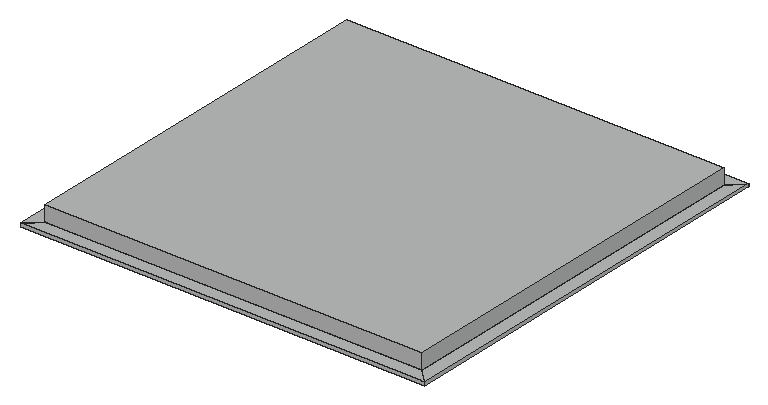
Revit family "AVRORA", category Осветительные приборы, Revit 2019 (continued)
Parameters (values of type "AVRORA-32/opal-sand 595x595х25 (IP20, 4000К)")
    300 6.700 1.000 \r\n1326.300 1325.200 1322.100 1316.600 1309.200 1299.600 1287.900 1272.700 1257.300 1238.300 1218.000 1196.100 1171.800 1146.500 1119.000 1090.600 1059.800 1028.900 996.100 \r\n962.400 927.400 891.500 854.800 817.300 778.800 740.100 700.200 659.900 619.500 578.500 536.800 495.000 453.600 411.400 368.600 325.700 284.600 241.700 203.400 161.300 125.500 91.600 \r\n60.800 30.800 5.700 1.000 \r\n1326.000 1325.200 1322.200 1316.800 1309.300 1299.500 1287.300 1273.000 1256.300 1238.900 1218.300 1196.700 1172.100 1146.700 1119.100 1091.100 1061.000 1029.100 996.400 \r\n962.500 927.600 891.500 854.900 817.400 779.200 740.100 700.300 660.200 619.200 578.300 536.900 495.700 453.600 411.400 368.100 325.700 284.300 241.800 203.400 161.200 125.300 91.600 \r\n60.600 31.000 5.000 1.000 \r\n1326.100 1326.100 1321.900 1316.900 1309.000 1299.400 1286.800 1273.300 1256.700 1239.200 1218.100 1196.400 1172.400 1146.800 1119.300 1091.200 1060.700 1029.300 996.500 \r\n962.400 927.700 891.800 855.300 817.700 779.600 740.400 700.600 660.400 619.600 578.500 537.200 495.700 453.800 411.300 367.800 325.600 284.100 242.000 203.500 161.500 124.800 91.700 \r\n60.100 31.100 5.400 1.000 \r\n1326.100 1325.200 1321.900 1316.900 1309.000 1299.300 1287.100 1273.300 1256.600 1238.600 1218.800 1196.100 1172.400 1147.100 1120.000 1091.300 1060.200 1029.500 997.500 \r\n962.400 927.900 892.100 855.400 818.000 779.800 740.800 700.800 660.700 620.100 579.200 537.500 496.100 454.000 411.500 367.600 325.700 284.100 242.100 202.900 161.700 124.500 91.600 \r\n59.600 30.700 5.300 0.900 \r\n1326.100 1324.900 1322.600 1316.600 1309.200 1299.500 1287.400 1273.400 1258.000 1238.500 1218.600 1197.100 1172.400 1147.100 1120.000 1091.300 1061.500 1029.700 997.800 \r\n963.700 928.100 892.600 855.600 818.100 780.000 740.800 700.500 661.000 620.000 579.200 537.700 496.700 454.300 411.300 367.400 325.600 283.400 242.200 202.500 161.900 124.500 91.100 \r\n59.100 30.500 5.100 0.900 \r\n1326.000 1325.200 1322.900 1316.800 1309.600 1299.500 1287.200 1273.100 1258.000 1238.700 1218.900 1196.200 1172.900 1147.200 1120.100 1091.500 1061.600 1030.000 997.400 \r\n963.100 928.400 892.500 855.900 818.300 780.000 741.300 701.200 661.200 620.300 579.800 538.000 496.600 454.200 411.100 367.500 325.500 283.000 242.300 201.300 162.000 124.700 90.300 \r\n58.500 30.300 5.000 0.800 \r\n1326.000 1325.700 1322.200 1316.900 1309.300 1299.600 1287.300 1273.400 1257.000 1239.600 1218.800 1196.900 1173.100 1147.500 1120.300 1092.000 1061.400 1030.400 998.400 \r\n964.000 928.600 892.600 855.900 818.500 780.200 741.400 701.500 661.400 620.500 579.800 538.100 496.300 454.300 410.900 367.500 325.600 282.200 242.500 200.500 162.100 125.000 89.700 \r\n58.200 29.800 3.700 0.800 \r\n1326.000 1325.600 1322.100 1317.100 1309.100 1299.900 1287.300 1273.400 1257.400 1238.500 1218.900 1197.000 1173.100 1147.700 1120.200 1092.100 1061.400 1030.000 997.500 \r\n963.000 928.900 893.300 856.100 818.600 780.400 741.600 701.800 661.600 620.700 579.900 538.200 496.500 454.500 410.800 367.500 325.500 281.800 242.600 200.300 162.000 125.100 89.300 \r\n57.700 29.300 4.000 0.800 \r\n1326.400 1325.700 1322.900 1317.100 1309.600 1299.800 1288.100 1273.700 1258.400 1238.600 1219.000 1197.900 1173.400 1147.900 1120.500 1092.000 1062.200 1030.300 997.100 \r\n962.800 929.200 893.200 856.400 818.900 780.700 741.800 701.600 661.900 621.200 580.000 538.400 497.100 454.500 410.700 367.500 325.500 281.600 242.600 200.200 161.800 125.100 89.300 \r\n57.300 29.400 4.200 0.700 \r\n1326.400 1325.800 1322.800 1317.200 1309.500 1299.700 1287.600 1273.800 1258.100 1238.700 1219.400 1197.000 1173.400 1147.700 1120.800 1092.200 1061.500 1030.400 997.400 \r\n964.300 929.400 893.400 856.600 819.000 781.000 741.900 702.200 662.200 621.300 580.500 538.700 497.000 454.600 410.500 367.600 325.600 281.500 242.700 200.500 161.600 125.000 89.500 \r\n57.300 28.900 4.400 0.700 \r\n1326.200 1325.900 1322.700 1317.100 1309.300 1299.800 1287.600 1273.900 1257.600 1239.500 1219.400 1197.500 1173.200 1147.700 1121.000 1092.000 1061.500 1030.500 998.600 \r\n964.400 929.500 893.400 856.800 819.400 781.300 742.200 702.300 662.100 621.400 580.900 538.800 497.000 454.600 410.400 367.700 325.600 281.900 242.700 200.200 161.200 124.800 89.400 \r\n57.600 28.000 4.500 0.600 \r\n1326.400 1325.500 1322.900 1317.100 1309.400 1299.800 1287.600 1273.600 1258.100 1239.300 1219.700 1197.400 1173.100 1147.800 1120.800 1092.100 1061.300 1030.600 998.300 \r\n965.000 929.700 893.400 857.000 819.500 781.500 742.200 702.600 662.100 621.600 580.400 538.900 497.300 454.700 410.500 367.700 325.400 281.800 242.700 200.500 160.700 124.600 89.500 \r\n57.800 27.700 4.700 0.600 \r\n1326.200 1326.100 1322.600 1317.100 1309.800 1300.000 1287.900 1273.800 1258.300 1239.800 1219.400 1197.000 1173.800 1148.100 1120.900 1092.300 1063.000 1030.700 998.300 \r\n964.500 929.800 893.900 857.000 819.800 781.700 742.600 702.700 662.500 621.700 580.900 539.100 497.600 454.700 410.400 367.800 325.400 282.000 242.900 200.600 160.400 124.500 89.500 \r\n57.900 28.400 4.200 0.600 \r\n1326.100 1325.500 1322.800 1317.100 1309.500 1300.100 1287.900 1273.900 1257.800 1239.800 1219.100 1196.800 1174.000 1148.200 1121.200 1092.500 1062.200 1031.000 998.700 \r\n964.500 929.700 894.500 857.100 819.900 781.800 742.600 703.000 662.600 621.600 580.700 539.200 497.600 454.700 410.500 367.900 325.400 282.100 242.900 200.700 160.200 124.200 89.600 \r\n57.800 28.500 3.900 0.600 \r\n1326.200 1325.400 1322.500 1317.400 1309.600 1300.300 1287.500 1273.800 1258.300 1239.800 1219.100 1197.500 1174.100 1148.400 1121.100 1093.000 1062.700 1031.200 998.400 \r\n964.000 929.800 894.600 857.300 819.900 781.900 742.600 703.100 662.800 621.900 580.800 539.300 497.400 454.800 410.600 368.000 325.500 282.200 242.900 200.900 160.200 124.100 89.500 \r\n57.800 28.500 3.800 0.500 \r\n1326.100 1325.200 1322.400 1317.100 1309.800 1300.200 1287.700 1274.100 1258.400 1240.300 1219.400 1197.800 1173.900 1148.300 1121.200 1092.600 1063.200 1031.200 998.900 \r\n965.200 930.100 893.800 857.500 820.100 782.000 742.900 702.900 662.700 622.000 581.100 539.600 497.900 455.000 410.800 368.100 325.800 282.300 243.100 200.900 160.300 124.200 89.500 \r\n57.800 28.500 3.800 0.500 \r\n1326.100 1325.400 1322.500 1317.300 1310.000 1300.200 1288.500 1274.200 1258.200 1240.200 1219.300 1197.400 1173.800 1148.500 1121.300 1092.900 1062.200 1031.300 \r\n999.100 965.100 930.200 894.200 857.700 820.200 782.000 743.000 703.100 663.000 622.100 581.400 539.700 497.800 455.000 410.600 368.100 325.800 282.400 243.100 200.800 160.200 \r\n124.300 89.500 57.500 27.800 3.500 0.500 \r\n1326.200 1325.900 1322.500 1317.500 1310.000 1300.100 1288.100 1274.300 1258.500 1239.600 1219.800 1197.700 1174.300 1148.500 1121.300 1092.500 1063.100 1031.400 998.900 \r\n965.700 930.200 894.100 857.800 820.200 782.000 743.200 703.400 663.100 622.200 581.000 540.000 497.900 455.200 410.900 368.300 325.900 282.400 243.200 200.800 160.300 124.100 89.000 \r\n56.700 27.700 3.900 0.500 \r\n1326.200 1325.800 1322.800 1317.500 1309.900 1300.000 1288.800 1274.200 1258.500 1239.900 1219.700 1197.400 1174.400 1148.500 1121.500 1092.600 1062.600 1031.800 998.900 \r\n965.100 930.400 894.800 857.800 820.400 782.000 743.300 703.600 663.000 622.200 581.400 540.100 497.900 455.400 411.200 368.500 326.100 282.500 243.200 200.700 160.400 123.600 88.300 \r\n56.900 28.500 4.000 0.600 \r\n1325.900 1326.000 1322.700 1317.300 1309.900 1299.900 1288.900 1274.200 1258.600 1239.300 1219.600 1197.500 1174.100 1148.700 1121.700 1092.400 1063.100 1031.900 998.700 \r\n965.600 930.300 895.400 857.800 820.400 782.100 743.200 703.300 663.100 622.000 581.400 540.100 497.900 455.500 411.300 368.500 326.200 282.400 243.000 200.400 160.100 123.300 88.600 \r\n57.700 27.900 4.200 0.700 \r\n1325.700 1325.700 1322.500 1317.200 1310.100 1300.000 1288.500 1274.100 1258.800 1240.300 1219.600 1197.500 1173.600 1148.800 1121.800 1092.600 1063.300 1031.800 \r\n999.400 965.600 930.200 895.000 857.700 820.500 782.200 743.300 703.400 663.500 622.700 581.300 540.100 498.100 455.600 411.400 368.600 326.100 282.200 242.600 200.200 160.100 \r\n124.000 89.400 58.200 28.400 5.000 0.700 \r\n1326.000 1325.800 1322.400 1317.400 1309.900 1299.900 1288.200 1274.300 1257.500 1240.600 1219.500 1198.100 1173.500 1148.600 1121.500 1092.700 1063.300 1031.900 \r\n999.700 965.300 930.500 894.800 857.800 820.600 782.100 743.400 703.500 663.600 622.500 581.400 540.000 498.300 455.700 411.600 368.600 326.000 282.000 242.400 200.400 160.900 \r\n124.900 90.100 57.700 29.300 5.200 0.800 \r\n1326.000 1325.500 1322.800 1317.300 1310.100 1300.300 1288.700 1274.300 1258.600 1240.300 1220.000 1198.000 1174.300 1148.700 1121.600 1092.700 1063.400 1031.500 \r\n999.100 965.600 930.500 894.500 857.900 820.700 782.300 743.400 703.900 663.600 622.300 581.700 540.000 498.300 455.600 411.700 368.400 325.900 281.900 242.700 200.800 161.800 \r\n125.600 90.200 57.500 30.000 4.900 0.800 \r\n1326.200 1325.500 1322.700 1317.500 1310.300 1300.100 1288.100 1274.400 1257.900 1239.300 1220.300 1198.000 1174.200 1148.600 1121.800 1092.700 1063.900 1031.700 \r\n999.300 965.700 930.500 894.900 857.900 820.800 782.500 743.300 703.600 663.600 622.800 581.600 540.100 498.600 455.700 411.800 368.500 326.200 282.300 243.000 201.200 162.700 \r\n126.000 89.800 58.400 30.500 4.300 0.800 \r\n1326.300 1325.600 1322.600 1317.400 1310.200 1300.300 1288.300 1274.100 1257.700 1239.600 1220.200 1197.800 1174.100 1148.600 1121.500 1092.800 1063.000 1031.600 \r\n999.100 965.800 930.400 894.800 858.100 820.700 782.300 743.400 703.700 663.800 622.700 581.800 540.300 498.400 455.700 411.900 368.500 326.700 283.400 243.500 202.000 163.200 \r\n126.100 89.600 59.100 31.100 4.300 0.800 \r\n1326.100 1325.300 1322.300 1317.200 1310.200 1300.600 1288.500 1274.400 1258.500 1239.900 1220.100 1197.800 1174.100 1148.500 1121.500 1092.900 1063.300 1031.800 \r\n999.600 965.300 930.800 894.700 858.100 820.500 782.300 743.300 703.900 663.600 622.600 581.800 540.200 498.600 455.700 412.200 368.600 327.100 284.300 244.000 202.800 163.600 \r\n125.300 90.500 59.600 31.600 4.400 0.900 \r\n1326.100 1325.700 1322.000 1317.100 1310.300 1300.400 1288.700 1274.300 1257.600 1240.000 1219.800 1198.200 1174.000 1148.600 1121.600 1092.900 1063.400 1031.800 998.500 \r\n965.800 930.600 895.300 858.000 820.400 782.300 743.300 703.900 663.500 622.900 581.700 540.500 498.600 455.900 412.800 368.900 327.300 285.000 244.300 203.800 162.700 125.200 91.600 \r\n60.200 31.900 5.600 0.900 \r\n1326.300 1325.900 1322.200 1317.300 1310.100 1300.100 1288.200 1274.400 1258.500 1240.600 1220.000 1197.700 1174.100 1148.600 1121.500 1093.000 1064.100 1031.900 \r\n999.400 965.500 930.600 894.400 857.900 820.400 782.200 743.400 703.900 663.500 623.000 581.600 540.400 498.500 456.200 413.500 369.500 327.700 285.900 244.600 204.500 162.900 \r\n125.600 92.800 60.800 32.100 6.600 0.900 \r\n1326.000 1325.700 1322.500 1317.600 1310.300 1300.300 1288.800 1274.800 1258.800 1239.900 1220.100 1197.500 1174.600 1148.600 1121.400 1092.800 1063.400 1032.200 \r\n999.100 965.000 930.700 894.400 857.800 820.400 782.200 743.300 703.700 663.400 622.200 581.900 540.300 498.600 456.400 413.900 370.100 328.100 286.600 244.600 204.300 162.600 \r\n127.000 93.300 61.600 32.100 6.700 0.900 \r\n1326.000 1325.500 1322.500 1317.400 1310.000 1300.300 1288.600 1274.500 1258.400 1239.500 1219.700 1197.600 1174.800 1148.700 1121.600 1092.800 1063.300 1031.800 \r\n999.200 964.900 930.600 894.500 857.800 820.500 782.300 743.300 703.500 663.200 622.500 581.800 540.300 498.900 456.700 414.600 370.900 328.400 287.200 244.600 205.400 163.300 \r\n127.300 93.500 62.200 31.800 6.400 1.000 \r\n1326.100 1325.900 1322.600 1317.200 1310.100 1300.500 1288.600 1274.500 1258.200 1239.100 1219.600 1198.000 1174.600 1148.700 1121.600 1092.900 1063.400 1031.900 998.500 \r\n965.900 930.500 894.500 857.900 820.600 782.100 743.300 703.400 663.200 622.800 581.300 540.300 498.700 456.900 415.000 371.700 328.800 287.600 243.200 204.800 164.400 127.600 93.900 \r\n62.700 31.600 6.300 1.000 \r\n1325.900 1325.400 1322.700 1317.300 1310.200 1300.200 1288.400 1274.400 1257.600 1239.800 1219.700 1198.000 1174.500 1148.600 1121.700 1093.000 1062.800 1031.400 998.400 \r\n965.200 930.400 894.100 857.700 820.500 782.000 743.200 703.300 663.100 622.600 581.300 540.100 498.900 456.900 415.100 372.200 329.200 287.800 244.900 205.300 164.600 128.200 94.400 \r\n63.000 31.700 6.300 1.100 \r\n1325.800 1325.300 1322.300 1317.500 1310.000 1300.200 1289.300 1274.400 1257.700 1239.800 1219.700 1197.900 1174.300 1148.500 1121.500 1092.700 1062.600 1031.500 \r\n999.100 965.600 930.500 894.500 857.600 820.200 781.800 743.200 703.400 663.000 622.200 581.300 539.900 498.700 457.000 415.100 372.700 329.600 287.900 245.800 206.800 164.800 \r\n129.400 95.000 63.300 32.100 7.900 1.100 \r\n1326.000 1325.700 1322.500 1317.600 1310.200 1299.700 1288.400 1274.000 1257.800 1239.700 1219.600 1197.800 1174.000 1148.400 1121.500 1092.600 1063.500 1031.400 998.500 \r\n965.600 930.000 894.100 857.600 820.000 781.700 743.100 703.300 663.100 622.500 581.500 540.000 498.800 457.000 415.300 373.200 330.200 287.100 246.100 207.400 165.900 130.600 96.000 \r\n64.000 33.000 9.100 1.100 \r\n1326.000 1325.500 1322.700 1317.500 1310.200 1300.000 1289.300 1274.500 1257.500 1239.800 1219.800 1197.900 1173.800 1148.400 1121.500 1092.500 1062.500 1031.400 998.300 \r\n965.700 929.900 894.100 857.600 819.900 781.600 743.100 703.200 663.100 622.700 581.400 540.000 498.600 456.900 415.200 373.400 330.800 287.400 246.800 207.400 167.100 131.400 97.100 \r\n64.300 34.000 10.000 1.100 \r\n1326.300 1325.500 1322.700 1317.400 1309.900 1300.100 1288.500 1274.500 1258.000 1239.500 1219.600 1197.700 1173.700 1148.400 1121.500 1092.500 1062.900 1031.000 998.900 \r\n965.000 929.900 893.900 857.500 819.900 781.500 743.000 703.300 663.000 622.300 581.300 540.000 498.400 456.900 415.200 373.500 331.400 288.700 248.100 207.800 168.300 131.700 97.600 \r\n64.200 34.900 10.800 1.100 \r\n1326.600 1325.400 1322.800 1317.500 1310.000 1300.500 1288.500 1273.900 1258.700 1239.400 1219.700 1197.600 1174.000 1148.200 1121.700 1092.400 1063.500 1031.400 998.000 \r\n964.500 929.900 894.100 857.300 819.700 781.500 742.800 703.100 662.800 622.500 581.600 539.800 498.900 457.000 415.200 373.700 331.800 289.200 249.100 208.400 169.000 132.000 98.000 \r\n64.500 35.800 11.500 1.100 \r\n1326.500 1325.000 1322.500 1317.500 1310.100 1300.400 1288.200 1274.400 1258.600 1240.100 1219.600 1197.400 1173.600 1148.200 1121.400 1092.300 1062.600 1031.400 998.600 \r\n965.000 929.800 894.000 857.300 819.600 781.400 742.700 702.900 662.600 622.100 581.300 539.900 498.500 456.900 415.300 373.800 331.700 289.700 249.700 209.600 169.400 132.200 98.200 \r\n64.400 36.700 11.900 1.100 \r\n1326.400 1325.300 1322.600 1317.400 1310.300 1300.200 1288.700 1273.800 1258.500 1239.800 1219.700 1197.500 1173.600 1148.000 1121.000 1092.300 1062.300 1031.300 998.800 \r\n964.300 929.600 894.000 857.200 819.600 781.300 742.500 702.500 662.600 622.100 580.900 539.700 498.200 456.800 415.200 373.900 331.700 290.300 250.100 210.500 169.600 132.400 98.400 \r\n64.500 37.600 12.000 1.100 \r\n1326.400 1325.500 1322.500 1317.200 1310.400 1300.100 1288.000 1274.300 1258.500 1239.600 1219.700 1197.500 1173.400 1148.100 1121.000 1092.300 1062.600 1031.300 998.300 \r\n964.600 929.400 893.600 857.200 819.300 781.200 742.500 702.500 662.500 621.800 581.100 539.900 498.300 456.800 415.300 373.800 332.200 291.100 250.500 211.200 169.700 133.600 \r\n99.400 64.500 38.600 11.800 1.100 \r\n1326.300 1325.600 1322.500 1317.400 1310.500 1300.100 1288.200 1274.300 1257.800 1239.800 1219.300 1197.500 1173.400 1148.000 1120.800 1092.400 1062.500 1031.100 998.300 \r\n964.400 929.500 893.500 857.000 819.400 781.100 742.300 702.400 662.300 621.500 581.000 539.600 498.500 456.600 415.300 373.800 332.600 291.700 251.100 211.600 170.200 135.100 \r\n100.200 64.500 39.500 11.600 1.100 \r\n1326.200 1325.600 1322.500 1317.500 1310.300 1299.900 1287.600 1275.100 1257.500 1239.200 1218.900 1197.400 1173.600 1147.800 1120.600 1091.900 1062.200 1030.700 998.100 \r\n963.700 929.100 8
